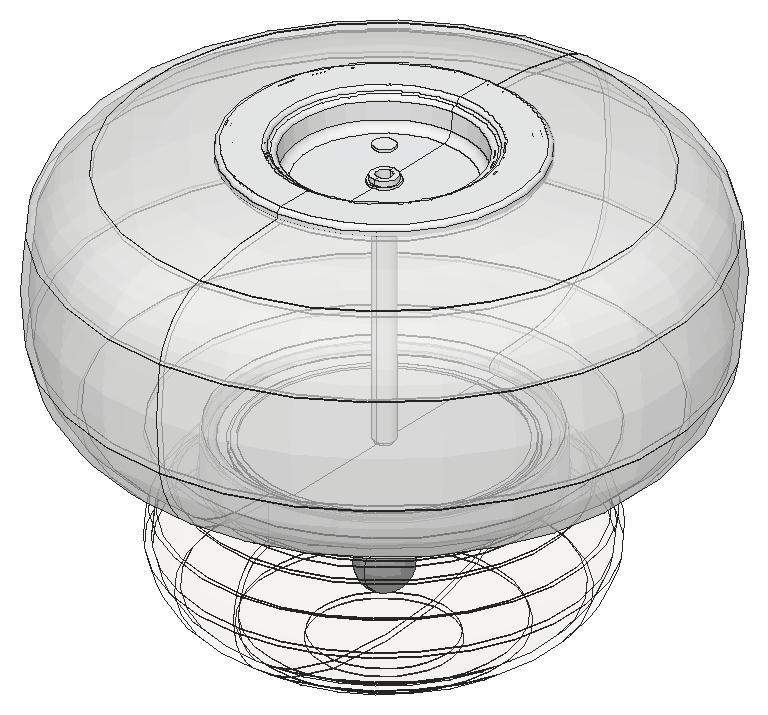
Revit family "FARO-Ceiling", category Lighting Fixtures, host Ceiling, Revit 2020
Family settings
  Host = Ceiling
  Round Connector Dimension = Use Diameter
  Part Type = Normal
  OmniClass Number = 23.80.70.11
  OmniClass Title = Luminaries for Internal Lighting
  Always vertical = Yes
  Cut with Voids When Loaded = No
  Light Source = No
  Shared = No
  Room Calculation Point = No
Parameters (values of type "FARO PL P")
  World Region [instance] = yes
  Width = 35 mm
  Voltage Control [instance] = if(World Region, 240 VA, 110 VA)  # 240 VA
  Voltage [instance] = if(World Region, 240 V, 110 V)  # 240 V
  USA and Canada market contacts = "ip@vistosi.it, +39.344.180.73.87"
  USA Region [instance] = not(World Region)  # no
  URL Product Page = "https://vistosi.it/prodotti-lampade-vetro/faro-pl/?lang=en&sku=FAROPL000G02NEOADBCL221CE"
  URL = "https://vistosi.com"
  Type Comments = "Oriano Favaretto"
  Region [instance] = if(World Region, "Europe", "USA")  # "Europe"
  Product data url = ""
  Model = "FARO"
  Material Bulb [instance] = 000_VISTOSI_Bulb
  Manufacturer country = "Italy"
  Manufacturer = "Vistosi"
  Light Source [instance] = Bulb : 2700 K 13 W 37 V 2000 lm DIM3 0-10V, Push
  Lampshade = FARO_Lampshade : FARO SP P
  Glass finish_type2 [instance] = none
  Glass finish_type1 [instance] = none
  Frequency [instance] = if(World Region, 50 Hz, 60 Hz)  # 50 Hz
  Frame finish [instance] = none
  Designer = "Oriano Favaretto"
  Description = "CEILING LAMP"
  Depth = 0 mm
  Default Elevation = 0 mm
  Contact = "T. +39 041 5903480 Email: vistosi@vistosi.it"
  Bulb Diametr = 15 mm
  BIMobject category = ""
Types (2, lengths in mm): name | Width | Light Source | Lampshade
  FARO PL P | 35 | Bulb : 2700 K 13 W 37 V 2000 lm DIM3 0-10V, Push | FARO_Lampshade : FARO SP P
  FARO PL G | 29 | FARO_Lampshade : FARO SP P | FARO_Lampshade : FARO SP G
Reference planes
  plane 1 "Light Source Axis (F/B)": y = 0
  plane 2 "Ceiling": z = 2438.4
  plane 3 "Light Source Axis (L/R)": x = 0
  plane 4 "Light Source Elevation": z = 2438.4
Forms (mm)
  Extrusion 1, solid
    sketch origin (0, 0, 2353.332) x (-1, 0, 0) y (0, -1, 0)
      loop
        circle (0, 0) r 6
    from 84 to 85.068
Text (mm)
  text "0 Tilt Angle" at (-1482.244, 236.007, 2133.6), in view "Ref. Level"
  text "180 Tilt Angle" at (653.058, 236.007, 2133.6), in view "Ref. Level"
Dimensions and locks
  equal spacing: host sketch curve, plane 3 "Light Source Axis (L/R)", host sketch curve
  equal spacing: host sketch curve, plane 1 "Light Source Axis (F/B)", host sketch curve
  host sketch curve to host sketch curve = 3048 mm  (x2)
  aligned and locked: plane 4 "Light Source Elevation" to plane 2 "Ceiling"
  aligned and locked: plane 2 "Ceiling" to Extrusion 1
Nested families
  nested 1: "FARO_Lampshade" at (0, 0, 2438.4) x (0, 1, 0) z (0, 0, -1), type <- "Lampshade", Frame finish <- "Frame finish", Glass finish_type1 <- "Glass finish_type1", Glass finish_type2 <- "Glass finish_type2", Material Bulb <- "Material Bulb", Bulb Diametr <- "Bulb Diametr", type "FARO SP P"
    with Material Bulb 000_VISTOSI_Bulb, Glass finish_type2 none, Glass finish_type1 none, Frame finish none, built-in parameter 1140040 1, Bulb Diametr 15 mm
  nested 2: "Bulb" at (0, 0, 3708.4) x (0, 1, 0) z (0, 0, -1), type "2700 K 13 W 37 V 2000 lm DIM2 Phase Cut"
    with Material 000_VISTOSI_Bulb, Diameter bulb 15 mm
Connectors
  electrical at (0, 0, 2438.4), driven by "Voltage", driven by "Voltage Control"
    settings: on Extrusion 1, index 1, voltage 240 V, apparent load 0 VA, apparent load phase1 240 VA, apparent load phase2 0 VA, apparent load phase3 0 VA, power factor 1, load classification "Other", number of poles 1, system type 31, power factor state 1, is connector primary yes, connector utility no, sub classification motor no, connector description ""
Definition of nested family "FARO_Lampshade"
  Parameters (values of type "FARO SP P")
    Material Bulb [instance] = none
    Glass finish_type2 [instance] = none
    Glass finish_type1 [instance] = none
    Frame finish [instance] = none
    FARO SP P = yes
    FARO SP G = no
    Description = "Lampshade"  # constant formula
    Default Elevation = 1000 mm
    built-in parameter 1140040 [instance] = 1
    Bulb Diametr [instance] = 15 mm
  Types (2, lengths in mm): name | FARO SP P | FARO SP G
    FARO SP P | yes | no
    FARO SP G | no | yes
  Reference planes
    plane 1 "Center (Front/Back)": y = 0
    plane 2: z = 0
    plane 3 "Center (Left/Right)": x = 0
  Forms (mm)
    Extrusion 1, solid
      sketch origin (0, 0, 0) x (1, 0, 0) y (0, 1, 0)
        loop
          line (-1219.2, 1219.2) -> (-1219.2, -1219.2) -> (1219.2, -1219.2) -> (1219.2, 1219.2) -> (-1219.2, 1219.2)
      from 0 to -304.8
    Revolve 2, solid, material <- "Frame finish", visible <- "FARO SP P"
      sketch origin (0, 0, 204.686) x (1, 0, 0) y (0, 0, 1)
        loop
          arc (-58.698, -204.686) -> (-57.047, -204.003) -> (-56.363, -202.352) r 2.335
          arc (-56.363, -202.352) -> (-55.918, -201.497) -> (-54.963, -201.371) r 1.044
          arc (-54.963, -201.371) -> (-52.898, -201.19) -> (-51.709, -199.492) r 2.452
          line (-51.709, -199.492) -> (-51.179, -189.378)
          arc (-51.179, -189.378) -> (-49.642, -186.026) -> (-46.226, -184.639) r 5
          line (-46.226, -184.639) -> (-8.798, -184.341) -> (-8.798, -185.349) -> (-7.446, -185.349) -> (-7.446, -188.073) -> (-4.379, -188.073) -> (-4.379, -46.193) -> (-3.479, -45.292) -> (-3.479, -17.826) -> (-2.49, -17.826) -> (-2.49, -16.981) -> (-4.979, -16.981) -> (-4.979, -39.591) -> (-69.134, -39.591) -> (-69.134, -37.53) -> (-87.465, -37.53) -> (-87.465, -25.992) -> (-88.94, -25.992) -> (-88.94, -45.992) -> (-87.465, -45.992) -> (-87.465, -39.591) -> (-75.794, -39.591) -> (-75.794, -41.575) -> (-73.954, -41.575) -> (-73.954, -42.629) -> (-71.083, -42.629) -> (-71.083, -41.575) -> (-4.979, -41.575) -> (-4.979, -43.085) -> (-5.879, -43.085) -> (-5.879, -182.817) -> (-47.65, -183.151)
          arc (-47.65, -183.151) -> (-51.066, -184.538) -> (-52.603, -187.889) r 5
          line (-52.603, -187.889) -> (-53.201, -199.301)
          arc (-53.201, -199.301) -> (-53.679, -199.908) -> (-54.45, -199.961) r 0.952
          arc (-54.45, -199.961) -> (-57.255, -200.481) -> (-58.16, -203.186) r 2.811
          line (-58.16, -203.186) -> (-77.707, -203.186)
          arc (-77.707, -203.186) -> (-79.546, -202.425) -> (-80.307, -200.586) r 2.6
          line (-80.307, -200.586) -> (-80.307, -199.628) -> (-81.753, -199.628) -> (-81.753, -202.133)
          arc (-81.753, -202.133) -> (-81.005, -203.939) -> (-79.2, -204.686) r 2.553
          line (-79.2, -204.686) -> (-58.698, -204.686)
        axis (0, -204.686) -> (0, -16.981)
      angle from 0 to 360
    Revolve 3, solid, material <- "Glass finish_type2", visible <- "FARO SP P"
      sketch origin (0, 0, 204.686) x (1, 0, 0) y (0, 0, 1)
        loop
          line (-82.758, -35.978) -> (-74.767, -35.978)
          arc (-74.767, -35.978) -> (-73.31, -26.971) -> (-80.957, -21.992) r 8.362
          arc (-80.957, -21.992) -> (-85.35, -21.839) -> (-89.722, -21.379) r 62.977
          arc (-89.722, -21.379) -> (-95.077, -20.209) -> (-100.196, -18.246) r 36.339
          arc (-100.196, -18.246) -> (-105.885, -12.063) -> (-109.641, -4.548) r 30.069
          arc (-109.641, -4.548) -> (-111.501, 4.389) -> (-111.221, 13.513) r 38.771
          arc (-111.221, 13.513) -> (-106.788, 26.565) -> (-98.069, 37.24) r 38.771
          arc (-98.069, 37.24) -> (-84.723, 46.852) -> (-69.971, 54.123) r 99.086
          arc (-69.971, 54.123) -> (-54.087, 59.513) -> (-37.763, 63.364) r 175.744
          arc (-37.763, 63.364) -> (-18.94, 65.588) -> (0, 66.314) r 238.964
          line (0, 66.314) -> (0, 70.314)
          arc (0, 70.314) -> (-19.281, 69.574) -> (-38.442, 67.306) r 242.964
          arc (-38.442, 67.306) -> (-55.165, 63.365) -> (-71.435, 57.845) r 179.744
          arc (-71.435, 57.845) -> (-86.783, 50.28) -> (-100.667, 40.281) r 103.086
          arc (-100.667, 40.281) -> (-110.286, 28.504) -> (-115.177, 14.106) r 42.771
          arc (-115.177, 14.106) -> (-115.486, 4.04) -> (-113.434, -5.818) r 42.771
          arc (-113.434, -5.818) -> (-109.037, -14.537) -> (-102.348, -21.651) r 34.069
          arc (-102.348, -21.651) -> (-96.458, -23.971) -> (-90.278, -25.341) r 40.339
          arc (-90.278, -25.341) -> (-85.629, -25.829) -> (-80.957, -25.992) r 66.977
          arc (-80.957, -25.992) -> (-76.594, -30.355) -> (-80.957, -34.717) r 4.362
          arc (-80.957, -34.717) -> (-82.167, -34.905) -> (-82.758, -35.978) r 1.388
        axis (0, -35.978) -> (0, 70.314)
      angle from 0 to 360
    Revolve 4, solid, material <- "Glass finish_type1", visible <- "FARO SP P"
      sketch origin (0, 0, 204.686) x (1, 0, 0) y (0, 0, 1)
        loop
          line (-80.805, -43.297) -> (-84.805, -43.297)
          arc (-84.805, -43.297) -> (-85.696, -45.448) -> (-87.847, -46.339) r 3.042
          arc (-87.847, -46.339) -> (-101.666, -46.701) -> (-115.448, -47.785) r 264.054
          arc (-115.448, -47.785) -> (-132.399, -51.699) -> (-147.901, -59.597) r 71.377
          arc (-147.901, -59.597) -> (-164.324, -76.604) -> (-172.411, -98.821) r 56.858
          arc (-172.411, -98.821) -> (-175.086, -128.821) -> (-172.411, -158.821) r 169.538
          arc (-172.411, -158.821) -> (-161.91, -179.794) -> (-141.721, -191.732) r 41.527
          arc (-141.721, -191.732) -> (-110.744, -197.55) -> (-79.286, -199.488) r 254.104
          arc (-79.286, -199.488) -> (-78.204, -199.935) -> (-77.756, -201.017) r 1.529
          line (-77.756, -201.017) -> (-73.756, -201.017)
          arc (-73.756, -201.017) -> (-75.376, -197.106) -> (-79.288, -195.488) r 5.529
          arc (-79.288, -195.488) -> (-110.251, -193.58) -> (-140.74, -187.854) r 250.104
          arc (-140.74, -187.854) -> (-158.984, -177.066) -> (-168.474, -158.114) r 37.527
          arc (-168.474, -158.114) -> (-171.086, -128.783) -> (-168.46, -99.453) r 165.538
          arc (-168.46, -99.453) -> (-160.952, -78.756) -> (-145.664, -62.913) r 52.858
          arc (-145.664, -62.913) -> (-131.031, -55.458) -> (-115.03, -51.764) r 67.377
          arc (-115.03, -51.764) -> (-101.457, -50.695) -> (-87.847, -50.339) r 260.054
          arc (-87.847, -50.339) -> (-82.867, -48.276) -> (-80.805, -43.297) r 7.042
        axis (0, -201.017) -> (0, -43.297)
      angle from 0 to 360
    Revolve 5, solid, material <- "Frame finish", visible <- "FARO SP G"
      sketch origin (0, 0, 204.686) x (1, 0, 0) y (0, 0, 1)
        loop
          arc (-58.698, -204.686) -> (-57.047, -204.003) -> (-56.363, -202.352) r 2.335
          arc (-56.363, -202.352) -> (-55.918, -201.497) -> (-54.963, -201.371) r 1.044
          arc (-54.963, -201.371) -> (-52.898, -201.19) -> (-51.709, -199.492) r 2.452
          line (-51.709, -199.492) -> (-51.179, -189.378)
          arc (-51.179, -189.378) -> (-49.642, -186.026) -> (-46.226, -184.639) r 5
          line (-46.226, -184.639) -> (-8.798, -184.341) -> (-8.798, -185.349) -> (-7.446, -185.349) -> (-7.446, -188.073) -> (-4.379, -188.073) -> (-4.379, 83.807) -> (-3.479, 84.708) -> (-3.479, 112.174) -> (-2.49, 112.174) -> (-2.49, 113.019) -> (-4.979, 113.019) -> (-4.979, 90.409) -> (-69.134, 90.409) -> (-69.134, 92.47) -> (-87.465, 92.47) -> (-87.465, 104.008) -> (-88.94, 104.008) -> (-88.94, 84.008) -> (-87.465, 84.008) -> (-87.465, 90.409) -> (-75.794, 90.409) -> (-75.794, 88.425) -> (-73.954, 88.425) -> (-73.954, 87.371) -> (-71.083, 87.371) -> (-71.083, 88.425) -> (-4.979, 88.425) -> (-4.979, 86.915) -> (-5.879, 86.915) -> (-5.879, -182.817) -> (-47.65, -183.151)
          arc (-47.65, -183.151) -> (-51.066, -184.538) -> (-52.603, -187.889) r 5
          line (-52.603, -187.889) -> (-53.201, -199.301)
          arc (-53.201, -199.301) -> (-53.679, -199.908) -> (-54.45, -199.961) r 0.952
          arc (-54.45, -199.961) -> (-57.255, -200.481) -> (-58.16, -203.186) r 2.811
          line (-58.16, -203.186) -> (-77.707, -203.186)
          arc (-77.707, -203.186) -> (-79.546, -202.425) -> (-80.307, -200.586) r 2.6
          line (-80.307, -200.586) -> (-80.307, -199.628) -> (-81.753, -199.628) -> (-81.753, -202.133)
          arc (-81.753, -202.133) -> (-81.005, -203.939) -> (-79.2, -204.686) r 2.553
          line (-79.2, -204.686) -> (-58.698, -204.686)
        axis (0, -204.686) -> (0, 113.019)
      angle from 0 to 360
    Revolve 6, solid, material <- "Glass finish_type2", visible <- "FARO SP G"
      sketch origin (0, 0, 204.686) x (1, 0, 0) y (0, 0, 1)
        loop
          line (-82.758, 94.022) -> (-74.767, 94.022)
          arc (-74.767, 94.022) -> (-73.31, 103.029) -> (-80.957, 108.008) r 8.362
          arc (-80.957, 108.008) -> (-85.35, 108.161) -> (-89.722, 108.621) r 62.977
          arc (-89.722, 108.621) -> (-95.077, 109.791) -> (-100.196, 111.754) r 36.339
          arc (-100.196, 111.754) -> (-105.885, 117.937) -> (-109.641, 125.452) r 30.069
          arc (-109.641, 125.452) -> (-111.501, 134.389) -> (-111.221, 143.513) r 38.771
          arc (-111.221, 143.513) -> (-106.788, 156.565) -> (-98.069, 167.24) r 38.771
          arc (-98.069, 167.24) -> (-84.723, 176.852) -> (-69.971, 184.123) r 99.086
          arc (-69.971, 184.123) -> (-54.087, 189.513) -> (-37.763, 193.364) r 175.744
          arc (-37.763, 193.364) -> (-18.94, 195.588) -> (0, 196.314) r 238.964
          line (0, 196.314) -> (0, 200.314)
          arc (0, 200.314) -> (-19.281, 199.574) -> (-38.442, 197.306) r 242.964
          arc (-38.442, 197.306) -> (-55.165, 193.365) -> (-71.435, 187.845) r 179.744
          arc (-71.435, 187.845) -> (-86.783, 180.28) -> (-100.667, 170.281) r 103.086
          arc (-100.667, 170.281) -> (-110.286, 158.504) -> (-115.177, 144.106) r 42.771
          arc (-115.177, 144.106) -> (-115.486, 134.04) -> (-113.434, 124.182) r 42.771
          arc (-113.434, 124.182) -> (-109.037, 115.463) -> (-102.348, 108.349) r 34.069
          arc (-102.348, 108.349) -> (-96.458, 106.029) -> (-90.278, 104.659) r 40.339
          arc (-90.278, 104.659) -> (-85.629, 104.171) -> (-80.957, 104.008) r 66.977
          arc (-80.957, 104.008) -> (-76.594, 99.645) -> (-80.957, 95.283) r 4.362
          arc (-80.957, 95.283) -> (-82.167, 95.095) -> (-82.758, 94.022) r 1.388
        axis (0, 94.022) -> (0, 200.314)
      angle from 0 to 360
    Revolve 7, solid, material <- "Glass finish_type1", visible <- "FARO SP G"
      sketch origin (0, 0, 204.686) x (1, 0, 0) y (0, 0, 1)
        loop
          line (-80.805, 86.703) -> (-84.805, 86.703)
          arc (-84.805, 86.703) -> (-85.696, 84.552) -> (-87.847, 83.661) r 3.042
          arc (-87.847, 83.661) -> (-96.305, 82.15) -> (-103.717, 77.805) r 24.435
          arc (-103.717, 77.805) -> (-120.603, 60.732) -> (-130.276, 38.753) r 66.099
          arc (-130.276, 38.753) -> (-137.192, 5.188) -> (-142.173, -28.718) r 597.451
          arc (-142.173, -28.718) -> (-144.75, -91.346) -> (-137.81, -153.642) r 412.58
          arc (-137.81, -153.642) -> (-126.522, -175.628) -> (-107.363, -191.24) r 60.316
          arc (-107.363, -191.24) -> (-94.211, -196.336) -> (-80.273, -198.499) r 65.534
          arc (-80.273, -198.499) -> (-78.781, -199.524) -> (-77.756, -201.017) r 4.953
          line (-77.756, -201.017) -> (-73.558, -201.017)
          arc (-73.558, -201.017) -> (-75.661, -197) -> (-79.462, -194.529) r 8.953
          arc (-79.462, -194.529) -> (-92.873, -192.553) -> (-105.525, -187.688) r 61.534
          arc (-105.525, -187.688) -> (-123.363, -173.172) -> (-133.91, -152.737) r 56.316
          arc (-133.91, -152.737) -> (-140.755, -91.124) -> (-138.2, -29.186) r 408.58
          arc (-138.2, -29.186) -> (-133.253, 4.494) -> (-126.383, 37.834) r 593.451
          arc (-126.383, 37.834) -> (-117.239, 58.567) -> (-101.265, 74.639) r 62.099
          arc (-101.265, 74.639) -> (-95.01, 78.364) -> (-87.847, 79.661) r 20.435
          arc (-87.847, 79.661) -> (-82.867, 81.724) -> (-80.805, 86.703) r 7.042
        axis (0, -201.017) -> (0, 86.703)
      angle from 0 to 360
  Dimensions and locks
    locked: nested 1 to level at 370
    locked: nested 2 to level at 230
    aligned and locked: plane 2 to Extrusion 1
    aligned and locked: level to Extrusion 1
    aligned and locked: plane 3 "Center (Left/Right)" to nested 1
  Nested families
    nested 1: "Bulb" at (0, 0, -1130), Diameter bulb <- "Bulb Diametr", Material <- "Material Bulb", visible <- "FARO SP G", type "2700 K 13 W 37 V 2000 lm DIM2 Phase Cut"
      with Material none, Diameter bulb 15 mm
    nested 2: "Bulb" at (0, 0, -1270), Diameter bulb <- "Bulb Diametr", Material <- "Material Bulb", visible <- "FARO SP P", type "2700 K 13 W 37 V 2000 lm DIM2 Phase Cut"
      with Material none, Diameter bulb 15 mm
  Definition of nested family "Bulb"
    Parameters (values of type "3000 K 13 W 37 V 2000 lm DIM3 0-10V, Push")
      Wattage = 13.4642 W
      built-in parameter 1150110 = 1 (stored number, unit not read)
      USA and Canada market contacts = ""
      built-in parameter 1114217 = 1 (stored number, unit not read)
      built-in parameter 1150109 = 1 (stored number, unit not read)
      built-in parameter 1150134 = (empty or 0)
      built-in parameter 1150113 = 1 (stored number, unit not read)
      Material [instance] = none
      Diameter bulb [instance] = 15 mm
      Lumens = 2000 lm
      built-in parameter 1150115 = 1 (stored number, unit not read)
      built-in parameter 1150105 = 159.15 (stored number, unit not read)
      Light Source Symbol Size = 30 mm
      built-in parameter 1150137 = (empty or 0)
      built-in parameter 1150139 = (empty or 0)
      built-in parameter 1150112 = 1 (stored number, unit not read)
      built-in parameter 1150114 = 1 (stored number, unit not read)
      built-in parameter 1150132 = 2
      built-in parameter 1150102 = (empty or 0)
      built-in parameter 1150138 = (empty or 0)
      built-in parameter 1150107 = 3000 (stored number, unit not read)
      built-in parameter 1150106 = 1.5915 (stored number, unit not read)
      built-in parameter 1150104 = 13.8 (stored number, unit not read)
      Dimming Lamp Color Temperature Shift = (empty or 0)
      Default Elevation = 1219.2 mm
      Color Filter = 16777215
      built-in parameter 1114218 = 1 (stored number, unit not read)
      built-in parameter 1150133 = 10 (stored number, unit not read)
    Types (4, lengths in mm): name | built-in parameter 1150107
      2700 K 13 W 37 V 2000 lm DIM2 Phase Cut | 2700 (stored number, unit not read)
      2700 K 13 W 37 V 2000 lm DIM3 0-10V, Push | 2700 (stored number, unit not read)
      3000 K 13 W 37 V 2000 lm DIM2 Phase Cut | 3000 (stored number, unit not read)
      3000 K 13 W 37 V 2000 lm DIM3 0-10V, Push | 3000 (stored number, unit not read)
    Reference planes
      plane 1 "Light Source Axis (F/B)": y = 0
      plane 2: z = 0
      plane 3 "Light Source Axis (L/R)": x = 0
      plane 4 "Light Source Elevation": z = 1500
    Forms (mm)
      Revolve 1, solid, material <- "Material"
        sketch origin (0, 0, 0) x (1, 0, 0) y (0, 0, 1)
          loop
            arc (0, 1515) -> (-15, 1500) -> (0, 1485) r 15
            line (0, 1485) -> (0, 1515)
          axis (0, 1515) -> (0, 1485)
        angle from 0 to 360
    Dimensions and locks
      "Diameter bulb": radius of Revolve 1 sketch curve
      aligned and locked: plane 3 "Light Source Axis (L/R)" to imposter light
      aligned and locked: plane 1 "Light Source Axis (F/B)" to imposter light
      aligned and locked: plane 4 "Light Source Elevation" to imposter light
      aligned and locked: level to plane 2
    Automatic sketch dimensions
      Revolve 1 sketch curve to plane 3 "Light Source Axis (L/R)" = 0 mm  (x2)
      Revolve 1 sketch curve to plane 4 "Light Source Elevation" = 0 mm
      Revolve 1 sketch curve to Revolve 1 sketch curve = 5 mm  (x2)
Definition of nested family "Bulb"
  Parameters (values of type "3000 K 13 W 37 V 2000 lm DIM3 0-10V, Push")
    Wattage = 13.4642 W
    built-in parameter 1150110 = 1 (stored number, unit not read)
    USA and Canada market contacts = ""
    built-in parameter 1114217 = 1 (stored number, unit not read)
    built-in parameter 1150109 = 1 (stored number, unit not read)
    built-in parameter 1150134 = (empty or 0)
    built-in parameter 1150113 = 1 (stored number, unit not read)
    Material [instance] = none
    Diameter bulb [instance] = 15 mm
    Lumens = 2000 lm
    built-in parameter 1150115 = 1 (stored number, unit not read)
    built-in parameter 1150105 = 159.15 (stored number, unit not read)
    Light Source Symbol Size = 30 mm
    built-in parameter 1150137 = (empty or 0)
    built-in parameter 1150139 = (empty or 0)
    built-in parameter 1150112 = 1 (stored number, unit not read)
    built-in parameter 1150114 = 1 (stored number, unit not read)
    built-in parameter 1150132 = 2
    built-in parameter 1150102 = (empty or 0)
    built-in parameter 1150138 = (empty or 0)
    built-in parameter 1150107 = 3000 (stored number, unit not read)
    built-in parameter 1150106 = 1.5915 (stored number, unit not read)
    built-in parameter 1150104 = 13.8 (stored number, unit not read)
    Dimming Lamp Color Temperature Shift = (empty or 0)
    Default Elevation = 1219.2 mm
    Color Filter = 16777215
    built-in parameter 1114218 = 1 (stored number, unit not read)
    built-in parameter 1150133 = 10 (stored number, unit not read)
  Types (4, lengths in mm): name | built-in parameter 1150107
    2700 K 13 W 37 V 2000 lm DIM2 Phase Cut | 2700 (stored number, unit not read)
    2700 K 13 W 37 V 2000 lm DIM3 0-10V, Push | 2700 (stored number, unit not read)
    3000 K 13 W 37 V 2000 lm DIM2 Phase Cut | 3000 (stored number, unit not read)
    3000 K 13 W 37 V 2000 lm DIM3 0-10V, Push | 3000 (stored number, unit not read)
  Reference planes
    plane 1 "Light Source Axis (F/B)": y = 0
    plane 2: z = 0
    plane 3 "Light Source Axis (L/R)": x = 0
    plane 4 "Light Source Elevation": z = 1500
  Forms (mm)
    Revolve 1, solid, material <- "Material"
      sketch origin (0, 0, 0) x (1, 0, 0) y (0, 0, 1)
        loop
          arc (0, 1515) -> (-15, 1500) -> (0, 1485) r 15
          line (0, 1485) -> (0, 1515)
        axis (0, 1515) -> (0, 1485)
      angle from 0 to 360
  Dimensions and locks
    "Diameter bulb": radius of Revolve 1 sketch curve
    aligned and locked: plane 3 "Light Source Axis (L/R)" to imposter light
    aligned and locked: plane 1 "Light Source Axis (F/B)" to imposter light
    aligned and locked: plane 4 "Light Source Elevation" to imposter light
    aligned and locked: level to plane 2
  Automatic sketch dimensions
    Revolve 1 sketch curve to plane 3 "Light Source Axis (L/R)" = 0 mm  (x2)
    Revolve 1 sketch curve to plane 4 "Light Source Elevation" = 0 mm
    Revolve 1 sketch curve to Revolve 1 sketch curve = 5 mm  (x2)
